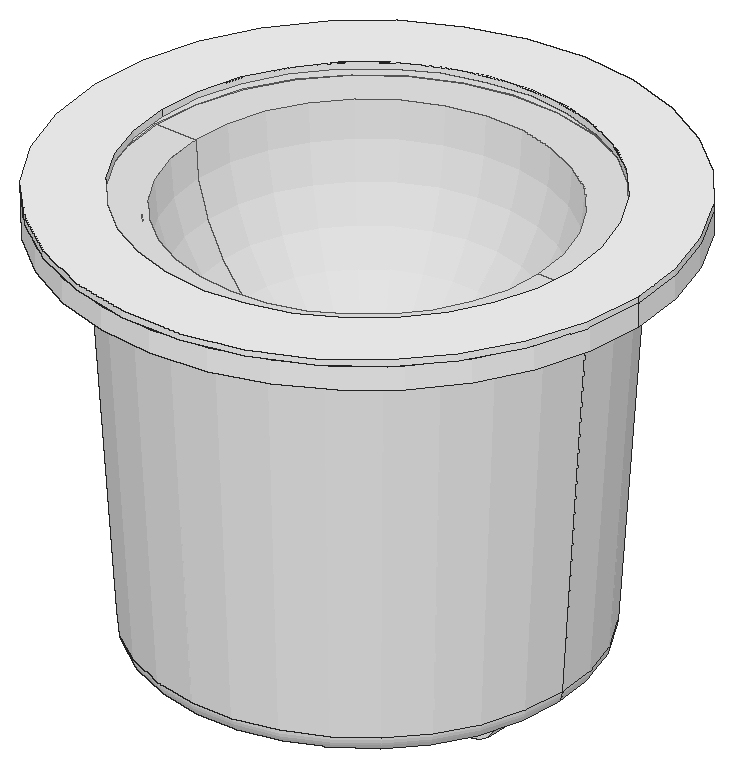
Revit family "2058856 Feilo Sylvania Lighting Fixture MYRD IP ST 2-7K PHDM WHT WBEZ", category Lighting Fixtures, host Face, Revit 2017
Family settings
  Host = Face
  Round Connector Dimension = Use Diameter
  Part Type = Normal
  OmniClass Number = 23.80.70.11.17
  OmniClass Title = Specialized Lighting by Location or Use
  Cut with Voids When Loaded = No
  Light Source = Yes
  Shared = No
  Room Calculation Point = No
Parameters
  Weight = "0.44 kg"
  Wattage = 15 W
  WarrantyStartDate [instance] = "n/a"
  WarrantyGuarantorParts = "n/a"
  WarrantyDurationUnit = "n/a"
  WarrantyDurationParts = "n/a"
  WarrantyDescription = "n/a"
  built-in parameter 1150110 = 1 (stored number, unit not read)
  Voltage = 230 V
  URL = "http://www.sylvania-lighting.com"
  TypeName = "MYRD IP ST 2.7K PHDM WHT WBEZ"
  Type Image = 0
  Type Comments = ""
  built-in parameter 1114217 = 1 (stored number, unit not read)
  Tilt Angle = -90°
  built-in parameter 1150109 = 1 (stored number, unit not read)
  built-in parameter 1150134 = (empty or 0)
  built-in parameter 1150113 = 1 (stored number, unit not read)
  SerialNumber [instance] = "n/a"
  Reflector Radius = Cutout Diameter / 2 - 2.5 mm  # 35.0 mm
  Reflector Material = Aluminum_Sylvania_Myriad_Bright
  Recessed Depth = Height  # 72.0 mm
  PowerFactor = 0
  PowerConsumption = "15 W"
  Photometric Web File = "2058856.ies"
  NominalWidth = 0.0 mm
  NominalLength = 76.0 mm
  NominalHeight = 72.0 mm
  Name = "MYRD IP ST 2.7K PHDM WHT WBEZ"
  ModelReference = "MYRD IP ST 2.7K PHDM WHT WBEZ"
  ModelNumber = "2058856"
  Material = "Aluminium"
  ManufacturerName = "Feilo Sylvania"
  LuminousEfficacy = "70 lm/W"
  LuminaireType = "Ceiling recessed"
  LightOutputRatio = "1"
  LampsType = Lamp  # "LED"
  LampNominalLuminous = "1046 lm"
  LampMacAdamStep = "n/a"
  LampColourTemperature = "2700 K"
  LampColourRenderingIndex = "n/a"
  Keynote = "16500"
  Keynote_2 = "16500"
  InstallationDate [instance] = "n/a"
  InputVoltage = "230-240V~"
  InputNominalFrequency = "50/60 Hz"
  IngressProtection = "IP65"
  ImpactProtectionIndex = "IK02"
  IfcExportType = "IfcLightFixtureType"
  IfcExportAs = "IfcLightFixtureType"
  Height = 72.0 mm  # constant formula
  ExpectedLife = 50000
  Emit from Circle Diameter = Accessory Inner Diameter 2  # 68.0 mm
  Emit Shape Visible in Rendering = no
  ElectricShockClassification = "Class II"
  DurationUnit = "hours"
  DocumentationLiterature = "http://www.sylvania-lighting.com/product/en-int/products/2058856"
  DimmingControlOptions = "Dimmable"
  Diffuser Material = Glass_Sylvania_Myriad_Clear_4000K
  Diffuser Diameter = Cutout Diameter  # 75.0 mm
  Cutout Diameter = 75.0 mm  # constant formula
  CreatedOn = "03-11-2017"
  CreatedBy = ""
  Cost = 0
  built-in parameter 1114216 [instance] = 1 (stored number, unit not read)
  Model = "MYRD IP ST 2.7K PHDM WHT WBEZ"
  Manufacturer = "Feilo Sylvania"  # constant formula
  built-in parameter 1150105 = 83.556 (stored number, unit not read)
  Lumens = 1050 lm
  built-in parameter 1150115 = 1 (stored number, unit not read)
  built-in parameter 1150137 = (empty or 0)
  built-in parameter 1150139 = (empty or 0)
  built-in parameter 1150112 = 1 (stored number, unit not read)
  built-in parameter 1150114 = 1 (stored number, unit not read)
  Lamp = "LED"
  built-in parameter 1150132 = (empty or 0)
  built-in parameter 1150102 = (empty or 0)
  built-in parameter 1150107 = 2700 (stored number, unit not read)
  built-in parameter 1150138 = (empty or 0)
  built-in parameter 1150106 = 0.83556 (stored number, unit not read)
  built-in parameter 1150104 = 6.5032 (stored number, unit not read)
  Dimming Lamp Color Temperature Shift = (empty or 0)
  Description = "Supplied complete with electronic control gear Compact Fluorescent low energy downlight Emergency version passes through the cut out Ideal for low level orientation lighting New range of Architectural accessories each providing a different lit dimension New completely flush plaster up accessory ring for clean ceiling lines and smooth finish Order lamp separately"  # constant formula
  Default Elevation = 0.0 mm
  Color Filter = 16777215
  built-in parameter 1140040 [instance] = 1
  Body Radius = Reflector Radius + 1.5 mm  # 36.5 mm
  Body Material = Aluminum_Sylvania_Myriad_Gray
  BarCode [instance] = "n/a"
  built-in parameter 1114218 = 1 (stored number, unit not read)
  built-in parameter 1150133 = 10 (stored number, unit not read)
  AssetType = "Fixed"
  AssetIdentifier [instance] = "n/a"
  Assembly Code = "D5020200"
  Apparent Load = 15 VA
  Accessory Material = Aluminum_Sylvania_Myriad_White
  Accessory Inner Diameter 2 = Accessory Diameter - 22.0 mm  # 68.0 mm
  Accessory Inner Diameter 1 = Accessory Diameter - 2.0 mm  # 88.0 mm
  Accessory Diameter = Cutout Diameter + 15.0 mm  # 90.0 mm
Reference planes
  plane 1 "Center (Front/Back)": y = 0
  plane 2: z = 0
  plane 3 "Center (Left/Right)": x = 0
  plane 4: z = 2
  plane 5 "Fixture Bottom": z = 4.5
  plane 6: z = -28.5
  plane 7: z = -61.5
  plane 8 "Fixture Top": z = -67.5
  plane 9: z = 3.5
Forms (mm)
  Revolve 1, solid, material "Aluminum_Sylvania_Myriad_Bright" <- "Reflector Material", detail levels fine
    sketch origin (0, 0, 0) x (1, 0, 0) y (0, 0, 1)
      loop
        line (0, -27.515) -> (-6, -27.515)
        arc (-6, -27.515) -> (-22.333, -16.632) -> (-28.5, 2) r 30.135
        line (-28.5, 2) -> (-35, 2) -> (-35, 0) -> (-29.184, 0)
        arc (-29.184, 0) -> (-22.423, -18.18) -> (-6, -28.5) r 30.204
        line (-6, -28.5) -> (0, -28.5) -> (0, -27.515)
      axis (0, -28.5) -> (0, 2)
    angle from 0 to 360
  Revolve 2, solid, material "Aluminum_Sylvania_Myriad_Gray" <- "Body Material", detail levels fine
    sketch origin (0, 0, 0) x (1, 0, 0) y (0, 0, 1)
      loop
        line (-44, 2) -> (-44, 0) -> (-36.5, 0) -> (-32.42, -58.708)
        arc (-32.42, -58.708) -> (-31.474, -60.694) -> (-29.428, -61.5) r 3
        line (-29.428, -61.5) -> (0, -61.5) -> (0, -28.5) -> (-6, -28.5)
        arc (-6, -28.5) -> (-22.423, -18.18) -> (-29.184, 0) r 30.204
        line (-29.184, 0) -> (-35, 0) -> (-35, 2) -> (-44, 2)
      axis (0, 2) -> (0, -61.5)
    angle from 0 to 360
  Extrusion 3, solid, material "Aluminum_Sylvania_Myriad_Gray" <- "Body Material", detail levels fine
    sketch origin (0, 0, 0) x (1, 0, 0) y (0, 0, 1)
      loop
        line (-13.5, -67.5) -> (21, -67.5)
        arc (21, -67.5) -> (23.828, -66.328) -> (25, -63.5) r 4
        line (25, -63.5) -> (25, -61.5) -> (-17.5, -61.5) -> (-17.5, -63.5)
        arc (-17.5, -63.5) -> (-16.328, -66.328) -> (-13.5, -67.5) r 4
    from -4.5 to 4.5
  Extrusion 4, solid, material "Aluminum_Sylvania_Myriad_White" <- "Accessory Material", detail levels fine
    sketch origin (0, 0, 0) x (1, 0, 0) y (0, 1, 0)
      loop
        circle (0, 0) r 45
      loop
        circle (0, 0) r 44
    from 0 to 3.5
  Extrusion 5, solid, material "Aluminum_Sylvania_Myriad_White" <- "Accessory Material", detail levels fine
    sketch origin (0, 0, 0) x (1, 0, 0) y (0, 1, 0)
      loop
        circle (0, 0) r 45
      loop
        circle (0, 0) r 34
    from 3.5 to 4.5
  Extrusion 6, solid, material "Aluminum_Sylvania_Myriad_White" <- "Accessory Material", detail levels coarse+medium
    sketch origin (0, 0, 0) x (1, 0, 0) y (0, 1, 0)
      loop
        circle (0, 0) r 45
    from 0 to 4.5
  Revolve 7, solid, detail levels coarse+medium
    sketch origin (0, 0, 0) x (1, 0, 0) y (0, 0, 1)
      loop
        line (36.5, 0) -> (0, 0) -> (0, -61.5) -> (32.226, -61.5) -> (36.5, 0)
      axis (0, 0) -> (0, -61.5)
    angle from 0 to 360
  Extrusion 8, void
    sketch origin (0, 0, 0) x (1, 0, 0) y (0, 1, 0)
      loop
        circle (0, 0) r 37.5
    from -67.5 to 0
  Extrusion 9, solid, material "Glass_Sylvania_Myriad_Clear_4000K" <- "Diffuser Material", detail levels fine
    sketch origin (0, 0, 0) x (1, 0, 0) y (0, 1, 0)
      loop
        circle (0, 0) r 37.5
    from 2 to 3.5
Cuts and joins
  joined: Extrusion 4, Extrusion 5
Lines and regions (mm)
  Masking region 1
    outline origin (0, 0, 0) x (1, 0, 0) y (0, 1, 0)
      loop
        circle (0, 0) r 45
  symbolic lines
    curve 1: arc (-34, 0, 0) -> (0, 34, 0) -> (34, 0, 0) r 34
    curve 2: arc (34, 0, 0) -> (0, -34, 0) -> (-34, 0, 0) r 34
Dimensions and locks
  locked: plane 7 to plane 8 "Fixture Top" at 6
  "Body Radius": Revolve 7 sketch curve to plane 3 "Center (Left/Right)"
  locked: Revolve 7 sketch curve to Revolve 7 sketch curve at 4.274
  plane 5 "Fixture Bottom" to plane 9 to plane 4 to plane 2 to plane 6 = 1.0 mm locked, 1.5 mm locked, 2.0 mm locked, 28.5 mm locked
  "Reflector Radius": Revolve 1 sketch curve to plane 3 "Center (Left/Right)"
  Revolve 1 sketch curve to Revolve 1 sketch curve to Revolve 1 sketch curve to Revolve 1 sketch curve = 6.5 mm locked, 22.5 mm locked, 0.0 mm locked
  "Reflector Radius": plane 3 "Center (Left/Right)" to Revolve 2 sketch curve
  Revolve 2 sketch curve to Revolve 2 sketch curve to Revolve 2 sketch curve = 7.5 mm locked, 1.5 mm locked
  Revolve 2 sketch curve to Revolve 2 sketch curve to Revolve 2 sketch curve = 5.816 mm locked, 23.184 mm locked
  Revolve 2 sketch curve to Revolve 2 sketch curve to Revolve 2 sketch curve = 2.58 mm locked, 2.993 mm locked
  "Accessory Diameter": diameter of Extrusion 4 sketch curve
  "Accessory Inner Diameter 1": diameter of Extrusion 4 sketch curve
  "Accessory Diameter": diameter of Extrusion 5 sketch curve
  "Accessory Diameter": diameter of Extrusion 6 sketch curve
  "Cutout Diameter": diameter of Extrusion 8 sketch curve
  "Accessory Inner Diameter 2": diameter of Extrusion 5 sketch curve
  "Diffuser Diameter": diameter of Extrusion 9 sketch curve
  aligned and locked: plane 2 to host face
  aligned and locked: level to host face
  aligned and locked: plane 1 "Center (Front/Back)" to imposter light
  aligned and locked: plane 3 "Center (Left/Right)" to imposter light
  aligned and locked: Revolve 1 sketch curve to imposter light
  aligned and locked: Extrusion 3 sketch curve to plane 8 "Fixture Top"
  aligned and locked: plane 7 to Extrusion 3 sketch curve
  aligned and locked: Extrusion 4 to plane 2
  aligned and locked: plane 9 to Extrusion 4
  aligned and locked: Extrusion 5 to plane 9
  aligned and locked: plane 5 "Fixture Bottom" to Extrusion 5
  aligned and locked: Extrusion 6 to plane 2
  aligned and locked: plane 5 "Fixture Bottom" to Extrusion 6
  aligned and locked: Extrusion 8 to plane 8 "Fixture Top"
  aligned and locked: plane 2 to Extrusion 8
  aligned and locked: Masking region 1 sketch curve to Extrusion 6  (x2)
  aligned and locked: Extrusion 9 to plane 4
  aligned and locked: plane 9 to Extrusion 9
  aligned and locked: plane 4 to Revolve 2 sketch curve
  aligned and locked: Revolve 2 sketch curve to plane 2
  aligned and locked: curve 1 to cut or joined group of Extrusion 4, Extrusion 5
  aligned and locked: curve 2 to cut or joined group of Extrusion 4, Extrusion 5
  aligned and locked: imposter light to plane 5 "Fixture Bottom"
Automatic sketch dimensions
  host sketch curve to host sketch curve = 1305.563 mm
  host sketch curve to host sketch curve = 1283.632 mm
  Extrusion 3 sketch curve to plane 7 = 2.0 mm
  Extrusion 3 sketch curve to plane 3 "Center (Left/Right)" = 13.5 mm
  plane 3 "Center (Left/Right)" to Extrusion 3 sketch curve = 21.0 mm
  Extrusion 3 sketch curve to Extrusion 3 sketch curve = 4.0 mm
  Revolve 1 sketch curve to level = 0.0 mm
  Revolve 1 sketch curve to plane 3 "Center (Left/Right)" = 0.0 mm
  Revolve 1 sketch curve to plane 6 = 0.0 mm
  Revolve 1 sketch curve to plane 4 = 0.0 mm
  Revolve 1 sketch curve to Revolve 1 sketch curve = 0.684 mm
  level to Revolve 1 sketch curve = 0.88 mm
  Revolve 1 sketch curve to plane 4 = 0.363 mm
  Revolve 1 sketch curve to Revolve 1 sketch curve = 0.625 mm
  Revolve 1 sketch curve to plane 8 "Fixture Top" = 232.8 mm
  plane 5 "Fixture Bottom" to Revolve 1 sketch curve = 291.243 mm
  Revolve 2 sketch curve to plane 3 "Center (Left/Right)" = 0.0 mm  (x2)
  Revolve 2 sketch curve to plane 7 = 0.0 mm
  Revolve 2 sketch curve to plane 6 = 0.0 mm
  Revolve 2 sketch curve to level = 0.0 mm
  level to Revolve 2 sketch curve = 0.88 mm
  plane 7 to Revolve 2 sketch curve = 2.792 mm
  Revolve 2 sketch curve to plane 8 "Fixture Top" = 304.774 mm
  plane 5 "Fixture Bottom" to Revolve 2 sketch curve = 1137.105 mm
  Extrusion 4 sketch curve to Extrusion 4 sketch curve = 0.0 mm  (x2)
  plane 1 "Center (Front/Back)" to Extrusion 4 sketch curve = 0.0 mm
  Extrusion 4 sketch curve to plane 3 "Center (Left/Right)" = 0.0 mm
  Extrusion 5 sketch curve to Extrusion 5 sketch curve = 0.0 mm  (x2)
  plane 1 "Center (Front/Back)" to Extrusion 5 sketch curve = 0.0 mm
  Extrusion 5 sketch curve to plane 3 "Center (Left/Right)" = 0.0 mm
  plane 1 "Center (Front/Back)" to Extrusion 6 sketch curve = 0.0 mm
  Extrusion 6 sketch curve to plane 3 "Center (Left/Right)" = 0.0 mm
  Revolve 7 sketch curve to level = 0.0 mm
  Revolve 7 sketch curve to plane 3 "Center (Left/Right)" = 0.0 mm  (x2)
  Revolve 7 sketch curve to plane 7 = 0.0 mm
  Revolve 7 sketch curve to plane 8 "Fixture Top" = 304.774 mm
  plane 5 "Fixture Bottom" to Revolve 7 sketch curve = 43.226 mm
  plane 1 "Center (Front/Back)" to Extrusion 8 sketch curve = 0.0 mm
  Extrusion 8 sketch curve to plane 3 "Center (Left/Right)" = 0.0 mm
  plane 1 "Center (Front/Back)" to Extrusion 9 sketch curve = 0.0 mm
  Extrusion 9 sketch curve to plane 3 "Center (Left/Right)" = 0.0 mm
Connectors
  electrical at (-0.006, -0.019, -67.5), driven by "Apparent Load", driven by "Apparent Load"
    settings: on plane 8 "Fixture Top", index 1, voltage 230 V, apparent load 15 VA, apparent load phase1 15 VA, apparent load phase2 0 VA, apparent load phase3 0 VA, power factor 1, load classification "Lighting", number of poles 1, system type 30, power factor state 1, is connector primary yes, connector utility no, sub classification motor no, connector description ""
